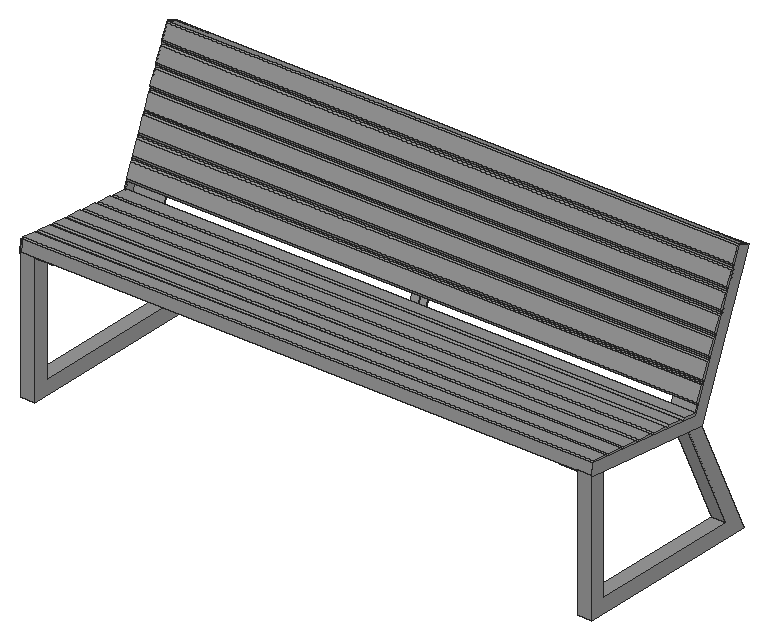
Revit family "Скамейка стальная «Леман» Арт 14901", category Антураж, Revit 2018
Family settings
  На основе рабочей плоскости = Нет
  Всегда вертикально = Да
  При загрузке вырезать с полостями = Нет
  Источник визуального образа = Геометрия семейства
  Общий = Нет
  Точка расчета площади = Нет
Parameters (values of type "Версия 1,8 м Ангарская сосна")
  Ширина = 615 mm  # constant formula
  Цвет сидения = Ангарская сосна
  Цвет опоры = Сталь
  Описание = if([Версия 1,5 м АС], "Скамейка стальная «Леман». Версия 1,5 м Ангарская сосна", if([Версия 1,5 м К], "Скамейка стальная «Леман». Версия 1,5 м Композит", if([Версия 1,5 м Л], "Скамейка стальная «Леман». Версия 1,5 м Лиственница", if([Версия 1,5 м Н+К], "Скамейка стальная «Леман». Версия 1,5 м Нержавеющая сталь плюс композит", if([Версия 1,8 м АС], "Скамейка стальная «Леман». Версия 1,8 м Ангарская сосна", if([Версия 1,8 м К], "Скамейка стальная «Леман». Версия 1,8 м Композит", if([Версия 2,0 м АС (2 опоры)], "Скамейка стальная «Леман». Версия 2,0 м Ангарская сосна (2 опоры)", "Скамейка стальная «Леман». Версия 2,0 м Композит (2 опоры)")))))))  # "Скамейка стальная «Леман». Версия 1,8 м Ангарская сосна"
  Материал изделия = if(or([Версия 1,5 м АС], [Версия 1,5 м Л], [Версия 1,8 м АС], [Версия 2,0 м АС (2 опоры)]), "Сталь, дерево", if(or([Версия 1,5 м АС], [Версия 1,5 м К], [Версия 1,8 м К], [Версия 2,0 м К (2 опоры)]), "Сталь, композит", "Нержавеющая сталь, композит"))  # "Сталь, дерево"
  Изображение типоразмера = Скамейка стальная «Леман» Арт 14901 АС.jpg
  Изготовитель = "ООО «Хоббика»"  # constant formula
  Длина = if(or([Версия 1,5 м АС], [Версия 1,5 м К], [Версия 1,5 м Л], [Версия 1,5 м Н+К]), 1500 mm, if(or([Версия 1,8 м АС], [Версия 1,8 м К]), 1800 mm, 2000 mm))  # 1800 mm
  Группа модели = "Скамейки"  # constant formula
  Высота = 794 mm  # constant formula
  Версия 2,0 м К (2 опоры) = no
  Версия 2,0 м АС (2 опоры) = no
  Версия 1,8 м К = no
  Версия 1,8 м АС = yes
  Версия 1,5 м Н+К = no
  Версия 1,5 м Л = no
  Версия 1,5 м К = no
  Версия 1,5 м АС = no
  Артикул товара = "Арт. 14901"  # constant formula
  URL = "https://hobbyka.ru/product/skameyka_leman/"
Types (9, lengths in mm): name | Цвет сидения | Цвет опоры | Описание | Материал изделия | Изображение типоразмера | Длина | Версия 2,0 м К (2 опоры) | Версия 2,0 м АС (2 опоры) | Версия 1,8 м К | Версия 1,8 м АС | Версия 1,5 м Н+К | Версия 1,5 м Л | Версия 1,5 м К | Версия 1,5 м АС
  (no name) | Ангарская сосна | Сталь | "Скамейка стальная «Леман». Версия 1,8 м Ангарская сосна" | "Сталь, дерево" | Скамейка стальная «Леман» Арт 14901 АС.jpg | 1800 | no | no | no | yes | no | no | no | no
  Версия 1,5 м Ангарская сосна | Ангарская сосна | Сталь | "Скамейка стальная «Леман». Версия 1,5 м Ангарская сосна" | "Сталь, дерево" | Скамейка стальная «Леман» Арт 14901 АС.jpg | 1500 | no | no | no | no | no | no | no | yes
  Версия 1,5 м Лиственница | Лиственница | Сталь | "Скамейка стальная «Леман». Версия 1,5 м Лиственница" | "Сталь, дерево" | Скамейка стальная «Леман» Арт 14901 АС.jpg | 1500 | no | no | no | no | no | yes | no | no
  Версия 1,5 м Композит | Композит | Сталь | "Скамейка стальная «Леман». Версия 1,5 м Композит" | "Сталь, композит" | Скамейка стальная «Леман» Арт 14901 К.jpg | 1500 | no | no | no | no | no | no | yes | no
  Версия 1,5 м Нержавеющая сталь плюс композит | Композит | Нержавеющая сталь | "Скамейка стальная «Леман». Версия 1,5 м Нержавеющая сталь плюс композит" | "Нержавеющая сталь, композит" | Скамейка стальная «Леман» Арт 14901 К.jpg | 1500 | no | no | no | no | yes | no | no | no
  Версия 1,8 м Ангарская сосна | Ангарская сосна | Сталь | "Скамейка стальная «Леман». Версия 1,8 м Ангарская сосна" | "Сталь, дерево" | Скамейка стальная «Леман» Арт 14901 АС.jpg | 1800 | no | no | no | yes | no | no | no | no
  Версия 1,8 м Композит | Композит | Сталь | "Скамейка стальная «Леман». Версия 1,8 м Композит" | "Сталь, композит" | Скамейка стальная «Леман» Арт 14901 К.jpg | 1800 | no | no | yes | no | no | no | no | no
  Версия 2,0 м Ангарская сосна (2 опоры) | Ангарская сосна | Сталь | "Скамейка стальная «Леман». Версия 2,0 м Ангарская сосна (2 опоры)" | "Сталь, дерево" | Скамейка стальная «Леман» Арт 14901 АС.jpg | 2000 | no | yes | no | no | no | no | no | no
  Версия 2,0 м Композит (2 опоры) | Композит | Сталь | "Скамейка стальная «Леман». Версия 2,0 м Композит (2 опоры)" | "Сталь, композит" | Скамейка стальная «Леман» Арт 14901 К.jpg | 2000 | yes | no | no | no | no | no | no | no
Reference planes
  plane 1 "По центру (Вперед/Назад)": y = 0
  plane 2: z = 0
  plane 3 "По центру (Влево/Вправо)": x = 0
  plane 4: x = 1800
  plane 5: y = 615
  plane 6: z = 794
  plane 7: x = 900
Forms (mm)
  Extrusion 1, solid, material "Ангарская сосна" <- "Цвет сидения"
    sketch origin (0, 0, 0) x (0, 1, 0) y (0, 0, 1)
      loop
        line (574.385, 805.808) -> (556.802, 764.385) -> (559.451, 757.829) -> (591.669, 744.154) -> (613.159, 794.781) -> (580.941, 808.457) -> (574.385, 805.808)
      loop
        line (550.941, 750.578) -> (533.358, 709.155) -> (536.007, 702.599) -> (568.225, 688.923) -> (589.715, 739.551) -> (557.497, 753.227) -> (550.941, 750.578)
      loop
        line (527.497, 695.348) -> (509.915, 653.925) -> (512.563, 647.369) -> (544.781, 633.693) -> (566.271, 684.321) -> (534.054, 697.996) -> (527.497, 695.348)
      loop
        line (504.054, 640.117) -> (486.471, 598.695) -> (489.12, 592.138) -> (521.337, 578.463) -> (542.827, 629.091) -> (510.61, 642.766) -> (504.054, 640.117)
      loop
        line (480.61, 584.887) -> (463.027, 543.464) -> (465.676, 536.908) -> (497.893, 523.233) -> (519.384, 573.86) -> (487.166, 587.536) -> (480.61, 584.887)
      loop
        line (457.166, 529.657) -> (439.583, 488.234) -> (442.232, 481.678) -> (474.449, 468.002) -> (495.94, 518.63) -> (463.722, 532.306) -> (457.166, 529.657)
      loop
        line (433.722, 474.426) -> (416.139, 433.004) -> (418.788, 426.448) -> (451.006, 412.772) -> (472.496, 463.4) -> (440.278, 477.075) -> (433.722, 474.426)
      loop
        line (411.977, 406.034) -> (367.201, 410.522) -> (361.727, 406.046) -> (358.237, 371.22) -> (412.963, 365.735) -> (416.453, 400.561) -> (411.977, 406.034)
      loop
        line (352.305, 412.306) -> (307.53, 416.794) -> (302.056, 412.317) -> (298.566, 377.492) -> (353.291, 372.007) -> (356.782, 406.832) -> (352.305, 412.306)
      loop
        line (292.634, 418.578) -> (247.858, 423.065) -> (242.385, 418.589) -> (238.894, 383.763) -> (293.62, 378.279) -> (297.11, 413.104) -> (292.634, 418.578)
      loop
        line (232.963, 424.85) -> (188.187, 429.337) -> (182.713, 424.861) -> (179.223, 390.035) -> (233.949, 384.55) -> (237.439, 419.376) -> (232.963, 424.85)
      loop
        line (173.291, 431.121) -> (128.516, 435.609) -> (123.042, 431.132) -> (119.552, 396.307) -> (174.278, 390.822) -> (177.768, 425.648) -> (173.291, 431.121)
      loop
        line (113.62, 437.393) -> (68.844, 441.881) -> (63.371, 437.404) -> (59.88, 402.579) -> (114.606, 397.094) -> (118.097, 431.919) -> (113.62, 437.393)
      loop
        line (53.949, 443.665) -> (9.173, 448.152) -> (3.699, 443.676) -> (0.209, 408.85) -> (54.935, 403.365) -> (58.425, 438.191) -> (53.949, 443.665)
    from 0 to 1800
Dimensions and locks
  "Ширина": plane 5 to plane 1 "По центру (Вперед/Назад)"
  "Длина": plane 3 "По центру (Влево/Вправо)" to plane 4
  "Высота": plane 6 to plane 2
  equal spacing: plane 3 "По центру (Влево/Вправо)", plane 7, plane 4
  nested 2 to nested 2 = 468.271 mm
  nested 2 to nested 2 = 442.454 mm
  aligned and locked: level to plane 2
  aligned and locked: plane 3 "По центру (Влево/Вправо)" to nested 2
  aligned and locked: plane 1 "По центру (Вперед/Назад)" to nested 2
  aligned and locked: plane 1 "По центру (Вперед/Назад)" to nested 1
  aligned and locked: plane 4 to nested 3
  aligned and locked: nested 3 to plane 1 "По центру (Вперед/Назад)"
  aligned and locked: plane 7 to nested 1
  aligned and locked: Extrusion 1 to plane 3 "По центру (Влево/Вправо)"
  aligned and locked: plane 4 to Extrusion 1
Automatic sketch dimensions
  Extrusion 1 sketch curve to plane 1 "По центру (Вперед/Назад)" = 0.209 mm
  Extrusion 1 sketch curve to plane 1 "По центру (Вперед/Назад)" = 3.699 mm
  Extrusion 1 sketch curve to Extrusion 1 sketch curve = 5.474 mm  (x14)
  Extrusion 1 sketch curve to Extrusion 1 sketch curve = 44.776 mm  (x6)
  Extrusion 1 sketch curve to Extrusion 1 sketch curve = 0.986 mm  (x7)
  Extrusion 1 sketch curve to Extrusion 1 sketch curve = 4.476 mm  (x8)
  Extrusion 1 sketch curve to Extrusion 1 sketch curve = 4.945 mm  (x12)
  Extrusion 1 sketch curve to Extrusion 1 sketch curve = 48.938 mm
  Extrusion 1 sketch curve to Extrusion 1 sketch curve = 2.649 mm  (x7)
  Extrusion 1 sketch curve to Extrusion 1 sketch curve = 6.811 mm
  Extrusion 1 sketch curve to Extrusion 1 sketch curve = 17.583 mm  (x6)
  Extrusion 1 sketch curve to Extrusion 1 sketch curve = 5.861 mm  (x6)
  Extrusion 1 sketch curve to Extrusion 1 sketch curve = 6.556 mm  (x14)
  Extrusion 1 sketch curve to Extrusion 1 sketch curve = 1.954 mm  (x12)
  Extrusion 1 sketch curve to Extrusion 1 sketch curve = 34.552 mm
  Extrusion 1 sketch curve to Extrusion 1 sketch curve = 32.218 mm  (x5)
  plane 6 to Extrusion 1 sketch curve = 11.808 mm
  Extrusion 1 sketch curve to plane 5 = 40.615 mm
  plane 6 to Extrusion 1 sketch curve = 14.457 mm
  Extrusion 1 sketch curve to plane 5 = 25.285 mm
  plane 6 to Extrusion 1 sketch curve = 0.781 mm
  Extrusion 1 sketch curve to plane 5 = 1.841 mm
  Extrusion 1 sketch curve to Extrusion 1 sketch curve = 4.603 mm  (x11)
  Extrusion 1 sketch curve to Extrusion 1 sketch curve = 48.674 mm
  Extrusion 1 sketch curve to plane 6 = 345.848 mm
  Extrusion 1 sketch curve to Extrusion 1 sketch curve = 4.488 mm  (x6)
  Extrusion 1 sketch curve to Extrusion 1 sketch curve = 1.784 mm  (x6)
  Extrusion 1 sketch curve to Extrusion 1 sketch curve = 0.787 mm  (x6)
  Extrusion 1 sketch curve to Extrusion 1 sketch curve = 6.737 mm
Nested families
  nested 1: "Скамейка стальная «Леман» опора средняя" at (900, 0, 0), type "Скамейка стальная «Леман» опора средняя"
  nested 2: "Скамейка стальная «Леман» опора боковая" at (0, 0, 0), type "Скамейка стальная «Леман» опора боковая"
  nested 3: "Скамейка стальная «Леман» опора боковая" at (1800, 0, 0) x (-1, 0, 0) z (0, 0, 1), type "Скамейка стальная «Леман» опора боковая"
Definition of nested family "Скамейка стальная «Леман» опора средняя"
  Parameters (values of type "Скамейка стальная «Леман» опора средняя")
    Цвет опоры = none
    Height = 0 mm
  Reference planes
    plane 1 "По центру (Вперед/Назад)": y = 0
    plane 2: z = 0
    plane 3 "По центру (Влево/Вправо)": x = 0
  Forms (mm)
    Extrusion 1, solid, material <- "Цвет опоры"
      sketch origin (0, 0, 0) x (0, 1, 0) y (0, 0, 1)
        loop
          line (430.159, 363.661) -> (35.017, 405.192) -> (34.808, 403.203) -> (431.422, 361.517) -> (601.324, 761.782) -> (599.483, 762.564) -> (430.159, 363.661)
      from -25 to 25
    Extrusion 2, solid, material <- "Цвет опоры"
      sketch origin (0, 0, 0) x (0, 1, 0) y (0, 0, 1)
        loop
          line (601.324, 761.782) -> (431.422, 361.517) -> (34.808, 403.203)
          arc (34.808, 403.203) -> (54.663, 386.232) -> (79.577, 378.387) r 65.386
          line (79.577, 378.387) -> (419.186, 342.693)
          arc (419.186, 342.693) -> (439.693, 347.476) -> (453.818, 363.092) r 35.266
          line (453.818, 363.092) -> (601.324, 710.596)
          arc (601.324, 710.596) -> (606.541, 736.189) -> (601.324, 761.782) r 65.386
      from -1 to 1
  Dimensions and locks
    aligned and locked: level to plane 2
Definition of nested family "Скамейка стальная «Леман» опора боковая"
  Parameters (values of type "Скамейка стальная «Леман» опора боковая")
    Цвет опоры = none
    Height = 0 mm
  Reference planes
    plane 1 "По центру (Вперед/Назад)": y = 0
    plane 2: z = 0
    plane 3 "По центру (Влево/Вправо)": x = 0
  Forms (mm)
    Sweep 1, solid, material <- "Цвет опоры"
      path origin (0, 0, 0) x (0, 1, 0) y (0, 0, 1)
        loop
          line (45, 420) -> (45, 45) -> (529.364, 45) -> (370.882, 384.865)
      profile origin (0, 45, 232.5) x (1, 0, 0) y (0, 1, 0)
        loop
          line (0, 0) -> (0, -45) -> (45, -45) -> (45, 0) -> (0, 0)
    Sweep 2, solid, material <- "Цвет опоры"
      path origin (0, 0, 0) x (0, 1, 0) y (0, 0, 1)
        loop
          line (615, 794) -> (431.422, 361.517) -> (0, 406.861)
      profile origin (0, 523.211, 577.758) x (0, 0.920505, -0.390731) y (1, 0, 0)
        loop
          line (-37, 0) -> (-37, -2) -> (0, -2) -> (0, 100) -> (-2, 100) -> (-2, 0) -> (-37, 0)
    Extrusion 3, void
      sketch origin (0, 0, 0) x (0, 1, 0) y (0, 0, 1)
        loop
          line (430.436, 363.632) -> (411.666, 403.883) -> (370.882, 384.865) -> (378.225, 369.119) -> (430.436, 363.632)
        loop
          line (0, 420) -> (0, 408.872) -> (45, 404.143) -> (45, 420) -> (0, 420)
      from 0 to 45
  Cuts and joins
    Extrusion 3 cuts Sweep 1
    Extrusion 3 cuts Sweep 2
  Dimensions and locks
    aligned and locked: level to plane 2
